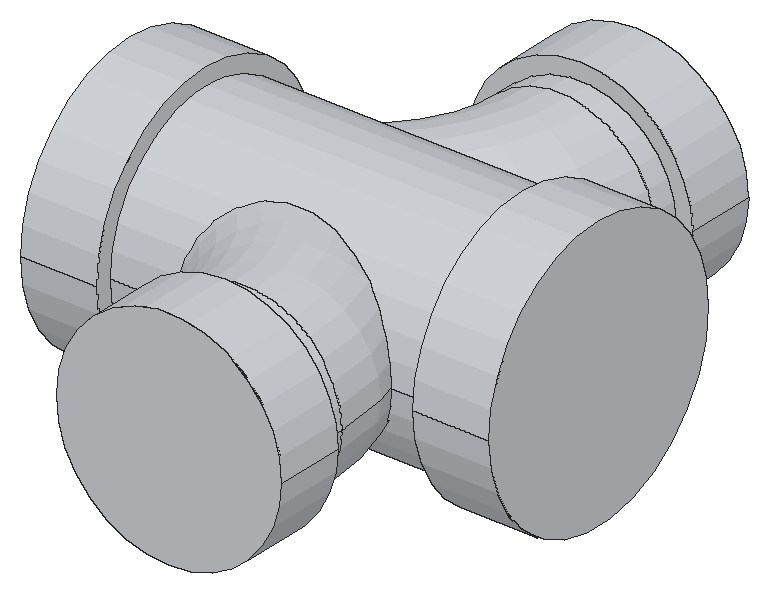
Revit family "cb908b0cb5fc441ba696d171f9b35872", category Pipe Fittings, Revit 2021
Family settings
  Round Connector Dimension = Use Radius
  Part Type = Cross
  OmniClass Number = 23.60.30.11.14
  OmniClass Title = Pipework Fittings
  Seek Item ID = Tee Reducing Double Sanitary - PVC - Sch 40 - DWV-0000-USA-ENU
  Work Plane-Based = No
  Always vertical = Yes
  Cut with Voids When Loaded = No
  Shared = No
Parameters (values of type "Standard")
  Wall Thickness 2 [instance] = size_lookup(Lookup Table Name, "WThk", 0.02 * Nominal Diameter 2 + 33/256", Nominal Diameter 2)  # 0.156"
  Wall Thickness 1 [instance] = size_lookup(Lookup Table Name, "WThk", 0.02 * Nominal Diameter 1 + 33/256", Nominal Diameter 1)  # 0.156"
  Tick Size 2 [instance] = Fitting Outside Diameter 2 * 0.4  # 0.76"
  Tick Size 1 [instance] = Fitting Outside Diameter 1 * 0.4  # 0.95"
  Socket Outside Radius 2 [instance] = Socket Outside Diameter 2 / 2  # 1.1135"
  Socket Outside Radius 1 [instance] = Socket Outside Diameter 1 / 2  # 1.351"
  Socket Outside Diameter 2 [instance] = Socket Entrance Diameter 2 + Wall Thickness 2 * 2  # 2.227"
  Socket Outside Diameter 1 [instance] = Socket Entrance Diameter 1 + Wall Thickness 1 * 2  # 2.702"
  Socket Entrance Diameter 2 [instance] = size_lookup(Lookup Table Name, "SED", 1.04 * Nominal Diameter 2 + 95/256", Nominal Diameter 2)  # 1.915"
  Socket Entrance Diameter 1 [instance] = size_lookup(Lookup Table Name, "SED", 1.04 * Nominal Diameter 1 + 95/256", Nominal Diameter 1)  # 2.39"
  Socket Depth 2 [instance] = size_lookup(Lookup Table Name, "SDpt", 0.5 * Nominal Diameter 2, Nominal Diameter 2)  # 0.687"
  Socket Depth 1 [instance] = size_lookup(Lookup Table Name, "SDpt", 0.5 * Nominal Diameter 1, Nominal Diameter 1)  # 3/4"
  Socket Bottom to Socket Bottom Run [instance] = size_lookup(Lookup Table Name, "SBtSBR", -0.34 * Nominal Diameter 1 + 1.57 * Nominal Diameter 2 + 1 23/64", Nominal Diameter 1, Nominal Diameter 2)  # 3 1/8"
  Radius 4 [instance] = Fitting Outside Radius 2  # 0.95"
  Radius 3 [instance] = Fitting Outside Radius 2  # 0.95"
  Radius 2 [instance] = Fitting Outside Radius 2  # 0.95"
  Radius 1 [instance] = Fitting Outside Radius 2  # 0.95"
  Nominal Radius 2 [instance] = 3/4"
  Nominal Diameter 2 [instance] = Nominal Radius 2 * 2  # 1 1/2"
  Min Angle 12 [instance] = if(Angle 1 < Angle 2, Angle 1, Angle 2)  # 90.00°
  Loss Method = Not Defined
  Lookup Table Name = "Tee Reducing Double Sanitary - PVC - Sch 40 - DWV"
  Length 9 [instance] = if(Length 7 > Socket Outside Radius 1, Socket Depth 2, if((Socket Outside Radius 2 * cos(Angle 2) + Socket Outside Radius 1 - Length 5) / sin(Angle 2) > 1/8", (Socket Outside Radius 2 * cos(Angle 2) + Socket Outside Radius 1 - Length 5) / sin(Angle 2), 1/8"))  # 0.687"
  Length 8 [instance] = if(Length 6 > Socket Outside Radius 1, Socket Depth 2, if((Socket Outside Radius 2 * cos(Angle 1) + Socket Outside Radius 1 - Length 4) / sin(Angle 1) > 1/8", (Socket Outside Radius 2 * cos(Angle 1) + Socket Outside Radius 1 - Length 4) / sin(Angle 1), 1/8"))  # 0.687"
  Length 7 [instance] = Length 5 - Socket Outside Radius 2 * cos(Angle 2)  # 1.938"
  Length 6 [instance] = Length 4 - Socket Outside Radius 2 * cos(Angle 1)  # 1.938"
  Length 5 [instance] = Center Radius 2 * (1 - cos(Angle 2))  # 1.938"
  Length 4 [instance] = Center Radius 1 * (1 - cos(Angle 1))  # 1.938"
  Length 3 [instance] = if(Socket Bottom to Socket Bottom Run - Center to Socket Bottom Run > 1/8", Socket Bottom to Socket Bottom Run - Center to Socket Bottom Run, 1/8")  # 1.187"
  Length 2 [instance] = 0"  # constant formula
  Length 19 [instance] = if(Length 9 = Socket Depth 2, if(Angle 2 = 90.00°, -Center to Socket Bottom Run + Center to Socket Bottom Branch + Socket Depth 2, Socket Depth 2), Socket Depth 2 + Length 9)  # 0.937"
  Length 18 [instance] = if(Length 8 = Socket Depth 2, if(Angle 1 = 90.00°, -Center to Socket Bottom Run + Center to Socket Bottom Branch + Socket Depth 2, Socket Depth 2), Socket Depth 2 + Length 8)  # 0.937"
  Length 17 [instance] = Length 12 + 180"  # 181.938"
  Length 16 [instance] = Length 10 + 180"  # 181.938"
  Length 15 [instance] = if(Min Angle 12 < 90.00°, if(Center to Socket Bottom Run Label + Length 3 > Length 14, Length 3, Length 14 - Center to Socket Bottom Run Label), Length 3)  # 1.187"
  Length 14 [instance] = if(Length 10 > Length 12, Length 10 - cos(Angle 1) * Socket Depth 2 + Socket Outside Radius 2 * sin(Angle 1), Length 12 - cos(Angle 2) * Socket Depth 2 + Socket Outside Radius 2 * sin(Angle 2))  # 3.0515"
  Length 13 [instance] = Length 5 + (Length 19) * sin(Angle 2)  # 2 7/8"
  Length 12 [instance] = if(Length 7 > Socket Outside Radius 1, Center Radius 2 * sin(Angle 2) + Socket Depth 2 * cos(Angle 2), Center Radius 2 * sin(Angle 2) + (Length 9 + Socket Depth 2) * cos(Angle 2))  # 1.938"
  Length 11 [instance] = Length 4 + (Length 18) * sin(Angle 1)  # 2 7/8"
  Length 10 [instance] = if(Length 6 > Socket Outside Radius 1, Center Radius 1 * sin(Angle 1) + Socket Depth 2 * cos(Angle 1), Center Radius 1 * sin(Angle 1) + (Length 8 + Socket Depth 2) * cos(Angle 1))  # 1.938"
  Length 1 [instance] = if(Fitting Outside Radius 2 * tan(Angle 1 / 2) > Fitting Outside Radius 2 * tan(Angle 2 / 2), Fitting Outside Radius 2 * tan(Angle 1 / 2), Fitting Outside Radius 2 * tan(Angle 2 / 2))  # 0.95"
  Default Elevation = 0' - 0"
  Center Radius 1 [instance] = Center to Socket Bottom Run Label / tan(Angle 1 / 2)  # 1.938"
  Nominal Radius 1 [instance] = 1"
  Nominal Diameter 1 [instance] = Nominal Radius 1 * 2  # 2"
  Center Radius 2 [instance] = Center to Socket Bottom Run Label / tan(Angle 2 / 2)  # 1.938"
  Center to Socket Bottom Run Label [instance] = if(Length 1 < Center to Socket Bottom Run, Center to Socket Bottom Run, Length 1 + 1/8")  # 1.938"
  Fitting Outside Radius 2 [instance] = Fitting Outside Diameter 2 / 2  # 0.95"
  Fitting Outside Radius 1 [instance] = Fitting Outside Diameter 1 / 2  # 1 3/16"
  Fitting Outside Diameter 2 [instance] = size_lookup(Lookup Table Name, "FOD", 1.04 * Nominal Diameter 2 + 23/64", Nominal Diameter 2)  # 1.9"
  Fitting Outside Diameter 1 [instance] = size_lookup(Lookup Table Name, "FOD", 1.04 * Nominal Diameter 1 + 23/64", Nominal Diameter 1)  # 2 3/8"
  Center to Socket Bottom Run [instance] = size_lookup(Lookup Table Name, "CtSBR", -0.16 * Nominal Diameter 1 + 0.93 * Nominal Diameter 2 + 105/128", Nominal Diameter 1, Nominal Diameter 2)  # 1.938"
  Center to Socket Bottom Branch [instance] = size_lookup(Lookup Table Name, "CtSBB", 0.46 * Nominal Diameter 1 + 0.33 * Nominal Diameter 2 + 195/256", Nominal Diameter 1, Nominal Diameter 2)  # 2.188"
  Angle 2 [instance] = 90.00°
  Angle 1 [instance] = 90.00°
Reference planes (in)
  plane 1 "Center (Front/Back)": y = 0
  plane 2: z = 0
  plane 3 "Center (Left/Right)": x = 0
  plane 4: x = -1.938
  plane 5: y = 1.938
  plane 6: y = -1.938
  plane 7: x = -1.938
  plane 8: x = 1.187
  plane 9: x = -2.688
  plane 10: x = 1.937
  plane 11: x = -181.938
  plane 12: y = -2.875
  plane 13: x = 0
  plane 14: y = 2.875
  plane 15: x = 0
Forms (in)
  Sweep 1, solid, detail levels fine
    path in 3D
      loop
        arc (-1.938, 0, 0) -> (-0.56763, 0.56763, 0) -> (0, 1.938, 0) r 1.938
    profile origin (-0.56763, 0.56763, 0) x (-0.707107, 0.707107, 0) y (0, 0, 1)
      loop
        circle (0, 0) r 0.95
  Sweep 2, solid, detail levels fine
    path in 3D
      loop
        line (-2.688, 0, 0) -> (-1.938, 0, 0)
    profile origin (-2.313, 0, 0) x (0, 1, 0) y (0, 0, 1)
      loop
        circle (0, 0) r 1.351
  Sweep 3, solid, detail levels fine
    path in 3D
      loop
        line (1.187, 0, 0) -> (1.937, 0, 0)
    profile origin (1.562, 0, 0) x (0, 1, 0) y (0, 0, 1)
      loop
        circle (0, 0) r 1.351
  Blend 4, solid, detail levels fine
    base sketch origin (0, 0, 0) x (0, 1, 0) y (0, 0, 1)
      loop
        circle (0, 0) r 1.1875
    top sketch origin (0, 0, 0) x (0, 1, 0) y (0, 0, 1)
      loop
        circle (0, 0) r 1.1875
    from -1.938 to 1.187
  Sweep 5, solid, detail levels fine
    path in 3D
      loop
        line (0, 1.938, 0) -> (0, 2.875, 0)
    profile origin (0, 2.4065, 0) x (-1, 0, 0) y (0, 0, 1)
      loop
        circle (0, 0) r 0.95
  Sweep 6, solid, detail levels fine
    path origin (0, 0, 0) x (1, 0, 0) y (0, 1, 0)
      loop
        line (0, 2.875) -> (0, 2.188)
    profile origin (0, 2.5315, 0) x (1, 0, 0) y (0, 0, 1)
      loop
        circle (0, 0) r 1.1135
  Sweep 7, solid, detail levels fine
    path in 3D
      loop
        arc (-1.938, 0, 0) -> (-0.56763, -0.56763, 0) -> (0, -1.938, 0) r 1.938
    profile origin (-0.56763, -0.56763, 0) x (0.707107, 0.707107, 0) y (0, 0, 1)
      loop
        circle (0, 0) r 0.95
  Sweep 8, solid, detail levels fine
    path in 3D
      loop
        line (0, -2.875, 0) -> (0, -1.938, 0)
    profile origin (0, -2.4065, 0) x (-1, 0, 0) y (0, 0, 1)
      loop
        circle (0, 0) r 0.95
  Sweep 9, solid, detail levels fine
    path origin (0, 0, 0) x (1, 0, 0) y (0, 1, 0)
      loop
        line (0, -2.875) -> (0, -2.188)
    profile origin (0, -2.5315, 0) x (-1, 0, 0) y (0, 0, 1)
      loop
        circle (0, 0) r 1.1135
Cuts and joins
  joined: Sweep 2, Sweep 3, Blend 4
  joined: Sweep 1, Sweep 5, Sweep 6
  joined: Sweep 7, Sweep 8, Sweep 9
Lines and regions (in)
  model lines, detail levels coarse+medium
    curve 1: arc (-1.938, 0, 0) -> (-0.56763, 0.56763, 0) -> (0, 1.938, 0) r 1.938
    curve 2: line (-1.938, 0, 0) -> (1.187, 0, 0)
    curve 4: line (0, 1.938, 0) -> (0, 2.875, 0)
    curve 5: line (-2.688, 0, 0) -> (-1.938, 0, 0)
    curve 7: line (1.187, 0, 0) -> (1.937, 0, 0)
    curve 9: line (-2.688, 0, 0) -> (-2.688, 0.95, 0)
    curve 10: line (-2.688, 0, 0) -> (-2.688, -0.95, 0)
    curve 11: line (1.937, 0, 0) -> (1.937, 0.95, 0)
    curve 12: line (1.937, 0, 0) -> (1.937, -0.95, 0)
    curve 14: line (0, 2.875, 0) -> (0.76, 2.875, 0)
    curve 15: line (0, 2.875, 0) -> (-0.76, 2.875, 0)
    curve 18: arc (-1.938, 0, 0) -> (-0.56763, -0.56763, 0) -> (0, -1.938, 0) r 1.938
    curve 19: line (0, -2.875, 0) -> (0, -1.938, 0)
    curve 22: line (0, -2.875, 0) -> (0.76, -2.875, 0)
    curve 23: line (0, -2.875, 0) -> (-0.76, -2.875, 0)
  sketch lines
    curve 3: arc (-1.938, 0, 0) -> (-0.56763, 0.56763, 0) -> (0, 1.938, 0) r 1.938
    curve 6: line (-2.688, 0, 0) -> (-1.938, 0, 0)
    curve 8: line (1.187, 0, 0) -> (1.937, 0, 0)
    curve 13: line (0, 1.938, 0) -> (0, 2.875, 0)
    curve 20: arc (-1.938, 0, 0) -> (-0.56763, -0.56763, 0) -> (0, -1.938, 0) r 1.938
    curve 21: line (0, -2.875, 0) -> (0, -1.938, 0)
  reference lines
    curve 16: line (-2.688, 0, 0) -> (-1.938, 0, 0)
    curve 17: line (0, 2.875, 0) -> (0, 2.188, 0)
Dimensions and locks (in)
  "Center to Socket Bottom Run Label": plane 4 to plane 3 "Center (Left/Right)"
  "Center Radius 2": plane 5 to plane 1 "Center (Front/Back)"
  "Center Radius 1": plane 6 to plane 1 "Center (Front/Back)"
  "Length 19": curve 4 to curve 4
  "Socket Depth 1": plane 10 to plane 8
  "Socket Depth 1": plane 9 to plane 7
  "Length 2": plane 7 to plane 4
  "Length 15": plane 3 "Center (Left/Right)" to plane 8
  "Tick Size 1": plane 1 "Center (Front/Back)" to curve 9
  "Tick Size 1": curve 10 to plane 1 "Center (Front/Back)"
  equal spacing: curve 12, plane 1 "Center (Front/Back)", curve 11
  "Tick Size 1": curve 12 to plane 1 "Center (Front/Back)"
  "Length 11": plane 12 to plane 1 "Center (Front/Back)"
  "Length 13": plane 14 to plane 1 "Center (Front/Back)"
  "Tick Size 2": curve 14 to curve 14
  "Tick Size 2": curve 15 to curve 15
  locked: plane 11 to plane 4 at 180
  "Length 17": plane 11 to plane 15
  "Length 16": plane 11 to plane 13
  "Socket Depth 2": Sweep 6 sketch curve to Sweep 6 sketch curve
  "Length 18": curve 19 to curve 19
  "Socket Depth 2": Sweep 9 sketch curve to Sweep 9 sketch curve
  "Tick Size 2": curve 22 to curve 22
  "Tick Size 2": curve 23 to curve 23
  "Center Radius 2": radius of curve 1
  "Fitting Outside Radius 2": radius of Sweep 1 sketch curve
  "Socket Outside Radius 1": radius of Sweep 2 sketch curve
  "Socket Outside Radius 1": radius of Sweep 3 sketch curve
  "Fitting Outside Radius 1": radius of Blend 4 sketch curve  (x2)
  "Radius 3": radius of Sweep 5 sketch curve
  "Socket Outside Radius 2": radius of Sweep 6 sketch curve
  "Fitting Outside Radius 2": radius of Sweep 7 sketch curve
  "Fitting Outside Radius 2": radius of Sweep 8 sketch curve
  "Socket Outside Radius 2": radius of Sweep 9 sketch curve
  "Angle 2": angle curve 1 to curve 1
  "Angle 2": angle plane 1 "Center (Front/Back)" to curve 4
  "Angle 2": angle plane 15 to curve 14
  "Angle 2": angle plane 15 to curve 15
  "Angle 2": angle plane 14 to curve 17
  "Angle 2": angle plane 14 to Sweep 6 sketch curve
  "Angle 1": angle curve 18 to curve 18
  "Angle 1": angle curve 19 to plane 12
  "Angle 1": angle Sweep 9 sketch curve to plane 12
  locked: curve 22 to curve 19 (angle 90.00°)
  locked: curve 19 to curve 23 (angle 90.00°)
  aligned and locked: plane 1 "Center (Front/Back)" to curve 2
  aligned and locked: level to Sweep 1 sketch curve
  aligned and locked: plane 1 "Center (Front/Back)" to curve 5
  aligned and locked: plane 9 to curve 5
  aligned and locked: plane 1 "Center (Front/Back)" to curve 7
  aligned and locked: plane 8 to curve 7
  aligned and locked: plane 10 to curve 7
  aligned and locked: plane 7 to curve 5
  aligned and locked: level to Blend 4 sketch curve  (x2)
  aligned and locked: plane 1 "Center (Front/Back)" to Blend 4 sketch curve  (x2)
  aligned and locked: Blend 4 to plane 7
  aligned and locked: plane 8 to Blend 4
  aligned and locked: plane 9 to curve 16
  aligned and locked: plane 1 "Center (Front/Back)" to curve 16
  aligned and locked: plane 14 to curve 17
  aligned and locked: plane 15 to curve 17
  aligned and locked: plane 14 to Sweep 6 sketch curve
  aligned and locked: plane 15 to Sweep 6 sketch curve
  aligned and locked: plane 6 to curve 18
  aligned and locked: plane 12 to curve 19
  aligned and locked: plane 12 to Sweep 9 sketch curve
  aligned and locked: plane 13 to Sweep 9 sketch curve
  aligned and locked: plane 13 to curve 23
Automatic sketch dimensions
  curve 1 to plane 4 = 0' - 0"
  curve 16 to plane 4 = 0' - 0"
  Sweep 1 sketch curve to profile plane = 0' - 0"
  Sweep 2 sketch curve to profile plane = 0' - 0"  (x2)
  Sweep 3 sketch curve to profile plane = 0' - 0"  (x2)
  Sweep 5 sketch curve to profile plane = 0' - 0"  (x2)
  Sweep 6 sketch curve to level = 0' - 0"
  profile plane to Sweep 6 sketch curve = 0' - 0"
  Sweep 7 sketch curve to profile plane = 0' - 0"  (x2)
  Sweep 8 sketch curve to profile plane = 0' - 0"  (x2)
  Sweep 9 sketch curve to level = 0' - 0"
  Sweep 9 sketch curve to profile plane = 0' - 0"
Connectors (in)
  piping at (-2.688, 0, 0), diameter 2, driven by "Nominal Radius 1"
    settings: on Sweep 2, index 1, connector inside diameter 2", connector length 0' - 0", flow factor 0, pipe flow 0 GPM, pressure drop 0.00 psi, fitting loss kfactor 0, connector angle 0.00°, fixture units 0, engagement length 0' - 0", angle of deflection 0.00°, flow configuration 0, flow direction 0, fitting loss method 0, system type 28, joint type 0, gender type 0, connector reference index 2, connector utility 0, adjustable connector no, is connector primary yes, connector description ""
  piping at (1.937, 0, 0), diameter 2, driven by "Nominal Radius 1"
    settings: on Sweep 3, index 2, connector inside diameter 2", connector length 0' - 0", flow factor 0, pipe flow 0 GPM, pressure drop 0.00 psi, fitting loss kfactor 0, connector angle 0.00°, fixture units 0, engagement length 0' - 0", angle of deflection 0.00°, flow configuration 0, flow direction 0, fitting loss method 0, system type 28, joint type 0, gender type 0, connector reference index 1, connector utility 0, adjustable connector no, is connector primary no, connector description ""
  piping at (0, 2.875, 0), diameter 1.5, driven by "Angle 2", driven by "Nominal Radius 2"
    settings: on cut or joined group of Sweep 1, Sweep 5, Sweep 6, index 4, connector inside diameter 1 1/2", connector length 0' - 0", flow factor 0, pipe flow 0 GPM, pressure drop 0.00 psi, fitting loss kfactor 0, connector angle 90.00°, fixture units 0, engagement length 0' - 0", angle of deflection 0.00°, flow configuration 0, flow direction 0, fitting loss method 0, system type 28, joint type 0, gender type 0, connector reference index -1, connector utility 0, adjustable connector no, is connector primary no, connector description ""
  piping at (0, -2.875, 0), diameter 1.5, driven by "Angle 1", driven by "Nominal Radius 2"
    settings: on cut or joined group of Sweep 7, Sweep 8, Sweep 9, index 5, connector inside diameter 1 1/2", connector length 0' - 0", flow factor 0, pipe flow 0 GPM, pressure drop 0.00 psi, fitting loss kfactor 0, connector angle 90.00°, fixture units 0, engagement length 0' - 0", angle of deflection 0.00°, flow configuration 0, flow direction 0, fitting loss method 0, system type 28, joint type 0, gender type 0, connector reference index -1, connector utility 0, adjustable connector no, is connector primary no, connector description ""
